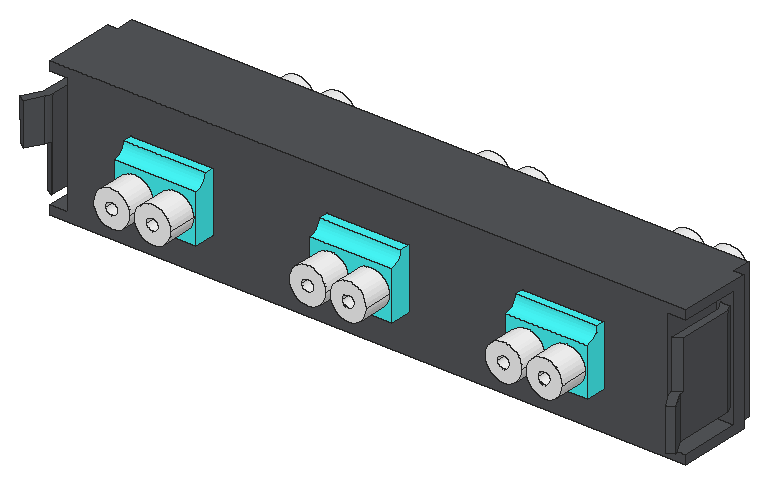
Revit family "LC Duplex 6 fibras", category Installations électriques, Revit 2020
Family settings
  Conserver l'orientation des annotations = Non
  Cote de connecteur circulaire = Utiliser le diamètre
  Type d'élément = Normal
  Basée sur le plan de construction = Non
  Toujours verticalement = Oui
  Couper avec des vides une fois chargée = Non
  Partagée = Non
  Point de calcul de pièce = Non
Parameters (values of type "Panel de adaptadores LC Duplex(AQUA)_POUR_6_FIBRES_MULTIMODE")
  Tipo de la fibra óptica = "Mutlimodal"
  Tipo de conector interno = "LC_DUPLEX"
  Tipo de conector externo = "LC_DUPLEX"
  Temperatura operativa = "-10°C à 60°C"
  Temperatura de almacenamiento = "-10°C à 60°C"
  Profundidad = 38.4 mm
  Número de pieza Legrand = "032136"
  Número de conectores = 6
  Numero RAL = "9017"
  IP = "IP20"
  IK = "IK04"
  Función = "Paneles de interconexión con optical conector Legrand"
  Formulación BIM = "Panel de adaptadores LC Duplex aqua 6 fibras multimodal"
  Elévation par défaut = 0 mm
  EAN = "3414971400290"
  E-catalogo enlace = "https://www.legrand.fr/reference/032136/pro"
  Color de los conectores = IDS_CYAN
  Color = IDS_NOIR
  Clasificación ETIM = "EC001130"
  Anchura de los conectores = 13.5 mm
  Anchura de la apertura = 13.5 mm
  Anchura (mm) = 108.8 mm
  Altura de los conectores = 10 mm
  Altura de la apertura = 6.5 mm
  Altura = 23 mm
Types (3, lengths in mm): name | Tipo de la fibra óptica | Número de pieza Legrand | Formulación BIM | EAN | E-catalogo enlace | Color de los conectores
  Panel de adaptadores LC Duplex 6 fibras monomodal | "unimodal" | "032113" | "Panel de adaptadores LC Duplex 6 fibras monomodal" | "3414970961716" | "https://www.legrand.fr/reference/032113/pro" | IDS_BLEU
  Panel de adaptadores LC Duplex 6 fibras multimodal | "Mutlimodal" | "032123" | "Panel de adaptadores LC Duplex 6 fibras multimodal" | "3414970961853" | "https://www.legrand.fr/reference/032123/pro" | IDS_JAUNE
  Panel de adaptadores LC Duplex(AQUA)_POUR_6_FIBRES_MULTIMODE | "Mutlimodal" | "032136" | "Panel de adaptadores LC Duplex aqua 6 fibras multimodal" | "3414971400290" | "https://www.legrand.fr/reference/032136/pro" | IDS_CYAN
Reference planes
  plane 1 "Centre (avant/arrière)": y = 0
  plane 2: z = 0
  plane 3 "Centre (gauche/droite)": x = 0
  plane 4 "Clip bas": z = 4
  plane 5 "Clip haut": z = 19
  plane 6: x = 105.5
  plane 7: x = 52.75
  plane 8: through (0.797, -2.504, 1200) normal (-0.866, 0.5, 0)
  plane 9: z = 6.5
  plane 10: z = 16.5
  plane 11: z = 6.5
  plane 12: z = 16.5
  plane 13: x = 13.5
  plane 14: x = 27
  plane 15: z = 23
  plane 16: x = 46
  plane 17: x = 59.5
  plane 18: x = 78.5
  plane 19: x = 92
  plane 20: y = -3.5
  plane 21: y = 25.5
  plane 22: z = 10.5
  plane 23: x = 20.25
  plane 24: x = 16.875
  plane 25: x = 23.625
  plane 26: y = 11
  plane 27: z = 10.5
  plane 28: x = 52.75
  plane 29: x = 49.375
  plane 30: x = 56.125
  plane 31: z = 10.5
  plane 32: x = 85.25
  plane 33: x = 81.875
  plane 34: x = 88.625
  plane 35: z = 10.5
  plane 36: x = 20.25
  plane 37: x = 16.875
  plane 38: x = 23.625
  plane 39: z = 10.5
  plane 40: x = 52.75
  plane 41: x = 49.375
  plane 42: x = 56.125
  plane 43: z = 10.5
  plane 44: x = 85.25
  plane 45: x = 81.875
  plane 46: x = 88.625
Forms (mm)
  Extrusion 1, solid, material "IDS_NOIR"
    sketch origin (0, 0, 0) x (1, 0, 0) y (0, 1, 0)
      loop
        line (0, 0) -> (105.5, 0) -> (105.5, 12) -> (103.9, 12) -> (103.9, 15) -> (1.6, 15) -> (1.6, 12) -> (0, 12) -> (0, 0)
    from 0 to 23
  Extrusion 2, void
    sketch origin (0, 0, 0) x (-1, 0, 0) y (0, 0, 1)
      loop
        line (0, 21.5) -> (-3, 21.5) -> (-3, 1.5) -> (0, 1.5) -> (0, 21.5)
      loop
        line (-105.5, 21.5) -> (-105.5, 1.5) -> (-102.5, 1.5) -> (-102.5, 21.5) -> (-105.5, 21.5)
    from 0 to 10
  Extrusion 3, solid, material "IDS_NOIR"
    sketch origin (0, 25.162, 4) x (0, 1, 0) y (-1, 0, 0)
      loop
        line (-29.912, 0.5) -> (-27.374, -0.965)
        arc (-27.374, -0.965) -> (-26.771, -1.215) -> (-26.124, -1.3) r 2.5
        line (-26.124, -1.3) -> (-16.662, -1.3) -> (-15.162, -2.166) -> (-15.162, -0.665) -> (-16.313, 0) -> (-26.446, 0) -> (-29.262, 1.626) -> (-29.912, 0.5)
      loop
        line (-29.912, -106) -> (-29.262, -107.126) -> (-26.446, -105.5) -> (-16.313, -105.5) -> (-15.162, -104.835) -> (-15.162, -103.334) -> (-16.662, -104.2) -> (-26.124, -104.2)
        arc (-26.124, -104.2) -> (-26.771, -104.285) -> (-27.374, -104.535) r 2.5
        line (-27.374, -104.535) -> (-29.912, -106)
    from 0 to 15
  Extrusion 4, void
    sketch origin (0.797, -2.504, 1200) x (0.5, 0.866025, 0) y (0, 0, 1)
      loop
        line (-2.593, -1196) -> (1.407, -1196) -> (1.407, -1188) -> (-2.593, -1188) -> (-2.593, -1196)
    from 0 to -2.615
  Extrusion 5, void
    sketch origin (104.703, -2.504, 1200) x (-0.5, 0.866025, 0) y (0, 0, -1)
      loop
        line (-2.593, 1181) -> (1.407, 1181) -> (1.407, 1189) -> (-2.593, 1189) -> (-2.593, 1181)
    from 0 to -2.615
  Extrusion 6, void
    sketch origin (2.941, 0, 0) x (-1, 0, 0) y (0, 0, 1)
      loop
        line (-10.559, 16.5) -> (-24.059, 16.5) -> (-24.059, 6.5) -> (-10.559, 6.5) -> (-10.559, 16.5)
      loop
        line (-43.059, 6.5) -> (-43.059, 16.5) -> (-56.559, 16.5) -> (-56.559, 6.5) -> (-43.059, 6.5)
      loop
        line (-89.059, 16.5) -> (-89.059, 6.5) -> (-75.559, 6.5) -> (-75.559, 16.5) -> (-89.059, 16.5)
    from 0 to 15
  Extrusion 7, void
    sketch origin (0, 0, 0) x (-1, 0, 0) y (0, 0, 1)
      loop
        line (-13.5, 6.5) -> (-13.5, 16.5) -> (-27, 16.5) -> (-27, 6.5) -> (-13.5, 6.5)
      loop
        line (-46, 6.5) -> (-46, 16.5) -> (-59.5, 16.5) -> (-59.5, 6.5) -> (-46, 6.5)
      loop
        line (-78.5, 16.5) -> (-92, 16.5) -> (-92, 6.5) -> (-78.5, 6.5) -> (-78.5, 16.5)
    from 0 to 15
  Extrusion 8, solid, material "IDS_CYAN" <- "Color de los conectores"
    sketch origin (3.167, -3.5, 1200) x (-1, 0, 0) y (0, 0, 1)
      loop
        line (-23.833, -1193.5) -> (-10.333, -1193.5) -> (-10.333, -1183.5) -> (-23.833, -1183.5) -> (-23.833, -1193.5)
      loop
        line (-42.833, -1193.5) -> (-42.833, -1183.5) -> (-56.333, -1183.5) -> (-56.333, -1193.5) -> (-42.833, -1193.5)
      loop
        line (-88.833, -1193.5) -> (-75.333, -1193.5) -> (-75.333, -1183.5) -> (-88.833, -1183.5) -> (-88.833, -1193.5)
    from 0 to 29
  Extrusion 9, void
    sketch origin (13.5, -1524, 1.878) x (0, 0, 1) y (0, -1, 0)
      loop
        line (14.622, -1522.5) -> (14.622, -1520.5) -> (12.622, -1520.5)
        arc (12.622, -1520.5) -> (13.207, -1521.914) -> (14.622, -1522.5) r 2
      loop
        line (12.622, -1549.5) -> (14.622, -1549.5) -> (14.622, -1547.5)
        arc (14.622, -1547.5) -> (13.207, -1548.086) -> (12.622, -1549.5) r 2
    from 0 to 93.5
  Extrusion 10, solid, material "IDS_BLANC"
    sketch origin (3.167, -3.5, 1200) x (-1, 0, 0) y (0, 0, 1)
      loop
        circle (-13.708, -1189.5) r 3
      loop
        circle (-13.708, -1189.5) r 1
      loop
        circle (-20.458, -1189.5) r 3
      loop
        circle (-20.458, -1189.5) r 1
    from 0 to -4.7
  Extrusion 11, solid, material "IDS_BLANC"
    sketch origin (35.667, -3.5, 1200) x (-1, 0, 0) y (0, 0, 1)
      loop
        circle (-13.708, -1189.5) r 3
      loop
        circle (-13.708, -1189.5) r 1
      loop
        circle (-20.458, -1189.5) r 3
      loop
        circle (-20.458, -1189.5) r 1
    from 0 to -4.7
  Extrusion 12, solid, material "IDS_BLANC"
    sketch origin (68.167, -3.5, 1200) x (-1, 0, 0) y (0, 0, 1)
      loop
        circle (-13.708, -1189.5) r 3
      loop
        circle (-13.708, -1189.5) r 1
      loop
        circle (-20.458, -1189.5) r 3
      loop
        circle (-20.458, -1189.5) r 1
    from 0 to -4.7
  Extrusion 13, solid, material "IDS_BLANC"
    sketch origin (3.167, 25.5, 1200) x (-1, 0, 0) y (0, 0, -1)
      loop
        circle (-13.708, 1189.5) r 3
      loop
        circle (-13.708, 1189.5) r 1
      loop
        circle (-20.458, 1189.5) r 3
      loop
        circle (-20.458, 1189.5) r 1
    from 0 to -4.7
  Extrusion 14, solid, material "IDS_BLANC"
    sketch origin (35.667, 25.5, 1200) x (-1, 0, 0) y (0, 0, -1)
      loop
        circle (-13.708, 1189.5) r 3
      loop
        circle (-13.708, 1189.5) r 1
      loop
        circle (-20.458, 1189.5) r 3
      loop
        circle (-20.458, 1189.5) r 1
    from 0 to -4.7
  Extrusion 15, solid, material "IDS_BLANC"
    sketch origin (68.167, 25.5, 1200) x (-1, 0, 0) y (0, 0, -1)
      loop
        circle (-13.708, 1189.5) r 3
      loop
        circle (-13.708, 1189.5) r 1
      loop
        circle (-20.458, 1189.5) r 3
      loop
        circle (-20.458, 1189.5) r 1
    from 0 to -4.7
Cuts and joins
  Extrusion 2, Extrusion 6, Extrusion 7 cuts Extrusion 1
  Extrusion 4, Extrusion 5 cuts Extrusion 3
  Extrusion 9 cuts Extrusion 8
Dimensions and locks
  locked: plane 1 "Centre (avant/arrière)" to Extrusion 1 sketch curve at 15
  locked: Extrusion 1 sketch curve to Extrusion 1 sketch curve at 105.5
  locked: Extrusion 1 sketch curve to Extrusion 1 sketch curve at 1.6  (x2)
  locked: Extrusion 1 sketch curve to Extrusion 1 sketch curve at 12
  locked: Extrusion 2 sketch curve to level at 1.5
  locked: Extrusion 1 to Extrusion 2 sketch curve at 1.5
  locked: Extrusion 2 sketch curve to plane 3 "Centre (gauche/droite)" at 3
  locked: Extrusion 2 sketch curve to Extrusion 1 at 3
  plane 4 "Clip bas" to level = 4 mm
  cut or joined group of Extrusion 1, Extrusion 2, Extrusion 6, Extrusion 7 to plane 5 "Clip haut" = 4 mm
  locked: Extrusion 3 sketch curve to plane 3 "Centre (gauche/droite)" at 0.5
  locked: Extrusion 3 sketch curve to plane 1 "Centre (avant/arrière)" at 4.75
  locked: plane 3 "Centre (gauche/droite)" to Extrusion 3 sketch curve at 1.3
  plane 1 "Centre (avant/arrière)" to Extrusion 3 sketch curve = 8.5 mm
  equal spacing: plane 3 "Centre (gauche/droite)", plane 7, plane 6, locked at 52.75 each
  locked: Extrusion 3 to Extrusion 4 sketch curve at 4
  locked: Extrusion 3 to Extrusion 4 sketch curve at 8
  cut or joined group of Extrusion 3, Extrusion 4, Extrusion 5 to Extrusion 5 sketch curve = 8 mm
  Extrusion 5 sketch curve to cut or joined group of Extrusion 3, Extrusion 4, Extrusion 5 = 4 mm
  "Altura de la apertura": plane 9 to level
  "Altura de los conectores": plane 10 to plane 9
  "Altura de los conectores": plane 12 to plane 11
  "Anchura de la apertura": plane 13 to plane 3 "Centre (gauche/droite)"
  "Anchura de los conectores": plane 13 to plane 14
  locked: plane 15 to level at 23
  "Altura de la apertura": plane 15 to plane 12
  "Anchura de la apertura": plane 6 to plane 19
  locked: plane 20 to cut or joined group of Extrusion 1, Extrusion 2, Extrusion 6, Extrusion 7 at 3.5
  locked: plane 21 to cut or joined group of Extrusion 1, Extrusion 2, Extrusion 6, Extrusion 7 at 10.5
  equal spacing: plane 21, plane 26, plane 20
  equal spacing: cut or joined group of Extrusion 8, Extrusion 9, plane 22, cut or joined group of Extrusion 8, Extrusion 9
  "Anchura de los conectores": plane 18 to plane 19
  "Anchura de los conectores": plane 16 to plane 17
  equal spacing: plane 13, plane 23, plane 14
  equal spacing: plane 13, plane 24, plane 23
  equal spacing: plane 14, plane 25, plane 23
  plane 29 to plane 28 = 3.375 mm
  plane 30 to plane 28 = 3.375 mm
  plane 33 to plane 32 = 3.375 mm
  plane 34 to plane 32 = 3.375 mm
  plane 37 to plane 36 = 3.375 mm
  plane 38 to plane 36 = 3.375 mm
  plane 41 to plane 40 = 3.375 mm
  plane 42 to plane 40 = 3.375 mm
  plane 45 to plane 44 = 3.375 mm
  plane 46 to plane 44 = 3.375 mm
  radius of Extrusion 9 sketch curve = 2 mm  (x2)
  locked: cut or joined group of Extrusion 1, Extrusion 2, Extrusion 6, Extrusion 7 to Extrusion 3 sketch curve (angle 60.00°)
  aligned and locked: level to plane 2
  aligned and locked: plane 5 "Clip haut" to Extrusion 3
  aligned and locked: Extrusion 3 to plane 4 "Clip bas"
  aligned and locked: plane 6 to cut or joined group of Extrusion 1, Extrusion 2, Extrusion 6, Extrusion 7
  aligned and locked: Extrusion 4 sketch curve to Extrusion 3
  aligned and locked: Extrusion 3 to Extrusion 4 sketch curve
  aligned and locked: plane 8 to Extrusion 3
  aligned and locked: Extrusion 5 sketch curve to cut or joined group of Extrusion 3, Extrusion 4, Extrusion 5
  aligned and locked: plane 15 to cut or joined group of Extrusion 1, Extrusion 2, Extrusion 6, Extrusion 7
  aligned and locked: Extrusion 6 to plane 9
  aligned and locked: plane 10 to Extrusion 6
  aligned and locked: plane 13 to Extrusion 6
  aligned and locked: Extrusion 6 to plane 14
  aligned and locked: plane 9 to Extrusion 6 sketch curve
  aligned and locked: Extrusion 6 sketch curve to plane 16
  aligned and locked: Extrusion 6 sketch curve to plane 10
  aligned and locked: plane 17 to Extrusion 6 sketch curve
  aligned and locked: plane 10 to Extrusion 6 sketch curve
  aligned and locked: Extrusion 6 sketch curve to plane 9
  aligned and locked: plane 11 to Extrusion 7 sketch curve  (x2)
  aligned and locked: Extrusion 7 sketch curve to plane 12  (x2)
  aligned and locked: plane 14 to Extrusion 7 sketch curve
  aligned and locked: Extrusion 7 sketch curve to plane 13
  aligned and locked: Extrusion 7 sketch curve to plane 16
  aligned and locked: plane 17 to Extrusion 7 sketch curve
  aligned and locked: plane 12 to Extrusion 7 sketch curve
  aligned and locked: plane 18 to Extrusion 7 sketch curve
  aligned and locked: Extrusion 7 sketch curve to plane 11
  aligned and locked: Extrusion 1 to Extrusion 7
  aligned and locked: Extrusion 1 to Extrusion 6
  aligned and locked: Extrusion 2 sketch curve to Extrusion 2 sketch curve  (x2)
  aligned and locked: plane 21 to Extrusion 8
  aligned and locked: Extrusion 8 to Extrusion 9 sketch curve  (x2)
  aligned and locked: plane 19 to Extrusion 7 sketch curve
  aligned and locked: Extrusion 6 sketch curve to cut or joined group of Extrusion 8, Extrusion 9  (x2)
Automatic sketch dimensions
  plane 1 "Centre (avant/arrière)" to Extrusion 1 sketch curve = 0 mm
  Extrusion 1 sketch curve to plane 3 "Centre (gauche/droite)" = 0 mm
  plane 26 to Extrusion 1 sketch curve = 1 mm
  plane 6 to Extrusion 2 sketch curve = 0 mm
  Extrusion 2 sketch curve to plane 3 "Centre (gauche/droite)" = 0 mm
  Extrusion 3 sketch curve to plane 6 = 0 mm
  Extrusion 3 sketch curve to plane 3 "Centre (gauche/droite)" = 0 mm
  Extrusion 3 sketch curve to plane 20 = 1.25 mm
  Extrusion 3 sketch curve to plane 20 = 0.6 mm  (x2)
  plane 3 "Centre (gauche/droite)" to Extrusion 3 sketch curve = 0.965 mm
  plane 20 to Extrusion 3 sketch curve = 1.288 mm
  plane 1 "Centre (avant/arrière)" to Extrusion 3 sketch curve = 1.284 mm
  plane 1 "Centre (avant/arrière)" to Extrusion 3 sketch curve = 0.962 mm  (x2)
  Extrusion 3 sketch curve to plane 26 = 2.5 mm
  Extrusion 3 sketch curve to Extrusion 3 sketch curve = 0.348 mm  (x2)
  Extrusion 3 sketch curve to plane 26 = 1 mm  (x2)
  Extrusion 3 sketch curve to plane 6 = 0.5 mm
  Extrusion 3 sketch curve to plane 6 = 1.2 mm
  plane 6 to Extrusion 3 sketch curve = 0.665 mm
  Extrusion 3 sketch curve to Extrusion 3 sketch curve = 1.501 mm
  Extrusion 3 sketch curve to Extrusion 3 sketch curve = 0.866 mm
  plane 3 "Centre (gauche/droite)" to Extrusion 3 sketch curve = 0.665 mm
  Extrusion 5 sketch curve to Extrusion 5 sketch curve = 4 mm
  Extrusion 6 sketch curve to plane 9 = 0 mm
  plane 14 to Extrusion 6 sketch curve = 0 mm
  Extrusion 6 sketch curve to plane 10 = 0 mm
  plane 13 to Extrusion 6 sketch curve = 0 mm
  Extrusion 8 sketch curve to plane 10 = 0 mm  (x3)
  Extrusion 8 sketch curve to plane 19 = 0 mm
  Extrusion 8 sketch curve to plane 9 = 0 mm  (x3)
  plane 18 to Extrusion 8 sketch curve = 0 mm
  plane 17 to Extrusion 8 sketch curve = 0 mm
  plane 16 to Extrusion 8 sketch curve = 0 mm
  plane 14 to Extrusion 8 sketch curve = 0 mm
  plane 13 to Extrusion 8 sketch curve = 0 mm
  Extrusion 9 sketch curve to plane 10 = 0 mm  (x2)
  Extrusion 10 sketch curve to Extrusion 10 sketch curve = 0 mm  (x4)
  Extrusion 10 sketch curve to plane 22 = 0 mm  (x2)
  plane 25 to Extrusion 10 sketch curve = 0 mm
  Extrusion 10 sketch curve to plane 24 = 0 mm
  Extrusion 11 sketch curve to Extrusion 11 sketch curve = 0 mm  (x4)
  Extrusion 11 sketch curve to plane 27 = 0 mm  (x2)
  plane 30 to Extrusion 11 sketch curve = 0 mm
  Extrusion 11 sketch curve to plane 29 = 0 mm
  Extrusion 12 sketch curve to Extrusion 12 sketch curve = 0 mm  (x4)
  Extrusion 12 sketch curve to plane 31 = 0 mm  (x2)
  plane 34 to Extrusion 12 sketch curve = 0 mm
  Extrusion 12 sketch curve to plane 33 = 0 mm
  Extrusion 13 sketch curve to Extrusion 13 sketch curve = 0 mm  (x4)
  Extrusion 13 sketch curve to plane 35 = 0 mm  (x2)
  plane 38 to Extrusion 13 sketch curve = 0 mm
  Extrusion 13 sketch curve to plane 37 = 0 mm
  Extrusion 14 sketch curve to Extrusion 14 sketch curve = 0 mm  (x4)
  Extrusion 14 sketch curve to plane 39 = 0 mm  (x2)
  plane 42 to Extrusion 14 sketch curve = 0 mm
  Extrusion 14 sketch curve to plane 41 = 0 mm
  Extrusion 15 sketch curve to Extrusion 15 sketch curve = 0 mm  (x4)
  Extrusion 15 sketch curve to plane 43 = 0 mm  (x2)
  plane 46 to Extrusion 15 sketch curve = 0 mm
  Extrusion 15 sketch curve to plane 45 = 0 mm
  radius of Extrusion 10 sketch curve = 3 mm  (x2)
  radius of Extrusion 10 sketch curve = 1 mm  (x2)
  radius of Extrusion 11 sketch curve = 3 mm  (x2)
  radius of Extrusion 11 sketch curve = 1 mm  (x2)
  radius of Extrusion 12 sketch curve = 3 mm  (x2)
  radius of Extrusion 12 sketch curve = 1 mm  (x2)
  radius of Extrusion 13 sketch curve = 3 mm  (x2)
  radius of Extrusion 13 sketch curve = 1 mm  (x2)
  radius of Extrusion 14 sketch curve = 3 mm  (x2)
  radius of Extrusion 14 sketch curve = 1 mm  (x2)
  radius of Extrusion 15 sketch curve = 3 mm  (x2)
  radius of Extrusion 15 sketch curve = 1 mm  (x2)
